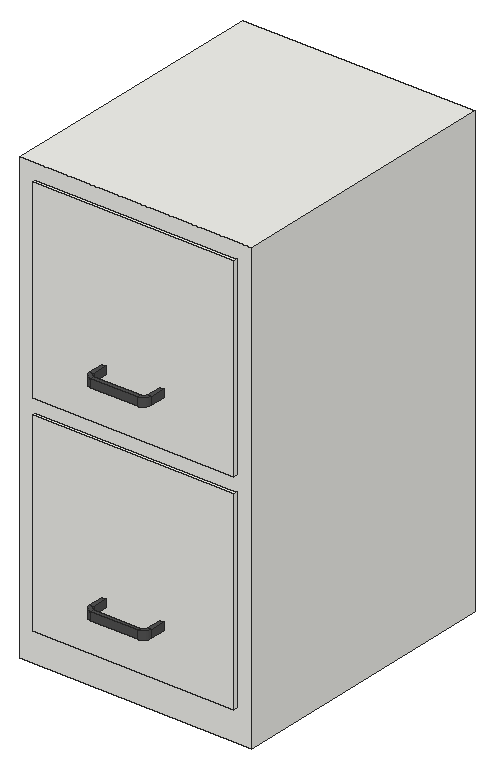
Revit family "7fb9a9d1e3ec42c7ae0a05f923729fd7", category Furniture, Revit 2021
Family settings
  OmniClass Number = 23.40.20.24.24
  OmniClass Title = Filing Cabinets
  Seek Item ID = Cabinet-File 2 Drawer-0000-USA-ENU
  Work Plane-Based = No
  Always vertical = Yes
  Cut with Voids When Loaded = No
  Shared = No
  Room Calculation Point = No
Parameters (values of type "15" x 18"")
  Default Elevation = 0' - 0"
  Assembly Code = "E2020200"
  Cabinet Material = Steel, Paint Finish, Ivory, Glossy
  Depth = 1' - 6"
  Handle Material = Steel, Chrome Plated
  Height = 2' - 5"
  Width = 1' - 3"
Types (7): name | Depth | Height | Width
  (no name) | 1' - 6" | 2' - 5" | 1' - 3"
  15" x 18" | 1' - 6" | 2' - 5" | 1' - 3"
  15" x 25" | 2' - 1" | 2' - 5" | 1' - 3"
  15" x 29" | 2' - 5" | 2' - 5" | 1' - 3"
  18" x 29" | 2' - 5" | 2' - 5" | 1' - 6"
  36" x 15" Lat. | 1' - 3" | 2' - 4" | 3' - 0"
  36" x 18" Lat. | 1' - 6" | 2' - 4" | 3' - 0"
Reference planes (in)
  plane 1 "Center (Front/Back)": y = -5.59584
  plane 2: z = 0
  plane 3 "Center (Left/Right)": x = -5.03529
  plane 4: x = 2.46471
  plane 5: x = -12.53529
  plane 6: y = 3.40416
  plane 7: y = -14.59584
  plane 8: z = 29
  plane 9: z = 2
  plane 10: y = -14.84584
Forms (in)
  Extrusion 1, solid, material "Steel, Paint Finish, Ivory, Glossy" <- "Cabinet Material"
    sketch origin (0, 3.40416, 0) x (1, 0, 0) y (0, 0, 1)
      loop
        line (-11.53529, 28) -> (-11.53529, 15.5) -> (1.46471, 15.5) -> (1.46471, 28) -> (-11.53529, 28)
      loop
        line (-11.53529, 14.5) -> (-11.53529, 2) -> (1.46471, 2) -> (1.46471, 14.5) -> (-11.53529, 14.5)
    from 18 to 18.25
  Extrusion 2, solid, material "Steel, Paint Finish, Ivory, Glossy" <- "Cabinet Material"
    sketch origin (0, 0, 0) x (1, 0, 0) y (0, 1, 0)
      loop
        line (-12.53529, 3.40416) -> (-12.53529, -14.59584) -> (2.46471, -14.59584) -> (2.46471, 3.40416) -> (-12.53529, 3.40416)
    from 0 to 29
  Sweep 3, solid, material "Steel, Chrome Plated" <- "Handle Material"
    path origin (0, 0, 0) x (1, 0, 0) y (0, 1, 0)
      loop
        line (-7.03529, -14.84584) -> (-7.03529, -15.84584)
        arc (-7.03529, -15.84584) -> (-6.88885, -16.19939) -> (-6.53529, -16.34584) r 0.5
        line (-6.53529, -16.34584) -> (-3.53529, -16.34584)
        arc (-3.53529, -16.34584) -> (-3.18174, -16.19939) -> (-3.03529, -15.84584) r 0.5
        line (-3.03529, -15.84584) -> (-3.03529, -14.84584)
    profile origin (0, -15.34584, 0) x (1, 0, 0) y (0, 0, 1)
      loop
        line (-7.03529, 5) -> (-6.78529, 5) -> (-6.78529, 5.5) -> (-7.03529, 5.5) -> (-7.03529, 5)
      loop
        line (-7.03529, 18.5) -> (-6.78529, 18.5) -> (-6.78529, 19) -> (-7.03529, 19) -> (-7.03529, 18.5)
Lines and regions (in)
  Masking region 1
    outline origin (0, 0, 0) x (1, 0, 0) y (0, 1, 0)
      loop
        line (-12.53529, 3.40416) -> (-12.53529, -14.59584) -> (2.46471, -14.59584) -> (2.46471, 3.40416) -> (-12.53529, 3.40416)
  Masking region 2
    outline origin (0, 0, 0) x (1, 0, 0) y (0, 1, 0)
      loop
        line (-11.53529, -14.59584) -> (-11.53529, -14.84584) -> (1.46471, -14.84584) -> (1.46471, -14.59584) -> (-11.53529, -14.59584)
  symbolic lines
    curve 1: line (-6.78529, -15.84584, 0) -> (-6.78529, -14.84584, 0)
    curve 2: arc (-6.78529, -15.84584, 0) -> (-6.71207, -16.02262, 0) -> (-6.53529, -16.09584, 0) r 0.25
    curve 3: line (-3.53529, -16.09584, 0) -> (-6.53529, -16.09584, 0)
    curve 4: line (-3.28529, -14.84584, 0) -> (-3.28529, -15.84584, 0)
    curve 5: arc (-3.53529, -16.09584, 0) -> (-3.35852, -16.02262, 0) -> (-3.28529, -15.84584, 0) r 0.25
Dimensions and locks (in)
  equal spacing: plane 5, plane 3 "Center (Left/Right)", plane 4
  equal spacing: plane 7, plane 1 "Center (Front/Back)", plane 6
  "Width": plane 5 to plane 4
  "Depth": plane 7 to plane 6
  "Height": plane 8 to plane 2
  plane 7 to plane 10 = 0' - 0 1/4"
  aligned and locked: Extrusion 2 to plane 8
  aligned and locked: Extrusion 2 to level
  aligned and locked: Extrusion 1 to plane 7
  aligned and locked: Extrusion 1 to plane 10
  aligned and locked: plane 6 to Masking region 1 sketch curve
  aligned and locked: Masking region 1 sketch curve to plane 7
  aligned and locked: plane 4 to Masking region 1 sketch curve
  aligned and locked: Masking region 1 sketch curve to plane 5
  aligned and locked: plane 10 to Masking region 2 sketch curve
  aligned and locked: Masking region 2 sketch curve to Extrusion 1  (x2)
  aligned and locked: plane 7 to Masking region 2 sketch curve
  aligned and locked: curve 1 to Sweep 3
  aligned and locked: curve 3 to Sweep 3
  aligned and locked: curve 4 to Sweep 3
  aligned: curve 5 to Sweep 3
Automatic sketch dimensions
  Extrusion 1 sketch curve to plane 5 = 0' - 1"  (x2)
  plane 4 to Extrusion 1 sketch curve = 0' - 1"  (x2)
  level to Extrusion 1 sketch curve = 0' - 2"
  plane 8 to Extrusion 1 sketch curve = 0' - 1"
  Extrusion 2 sketch curve to plane 4 = 0' - 0"
  Extrusion 2 sketch curve to plane 7 = 0' - 0"
  Sweep 3 sketch curve to plane 10 = 0' - 0"  (x2)
  Sweep 3 sketch curve to plane 10 = 0' - 1"
  Sweep 3 sketch curve to plane 3 "Center (Left/Right)" = 0' - 2"
  Sweep 3 sketch curve to Sweep 3 sketch curve = 0' - 0 1/2"  (x3)
  plane 3 "Center (Left/Right)" to Sweep 3 sketch curve = 0' - 1 1/2"
  plane 7 to Sweep 3 sketch curve = 0' - 1 1/4"
  Sweep 3 sketch curve to profile plane = 0' - 0"  (x2)
  Sweep 3 sketch curve to profile plane = 0' - 0 1/4"  (x2)
  level to Sweep 3 sketch curve = 0' - 5"
  Sweep 3 sketch curve to Sweep 3 sketch curve = 1' - 1"
  Extrusion 1 sketch curve to Extrusion 1 sketch curve = 0' - 1"
  Extrusion 1 sketch curve to Extrusion 1 sketch curve = 1' - 0 1/2"
  Extrusion 2 sketch curve to plane 5 = 0' - 0"
  Extrusion 2 sketch curve to plane 6 = 0' - 0"
  curve 1 to plane 10 = 0' - 0"
  curve 1 to curve 2 = 0' - 0 1/4"
  curve 4 to plane 10 = 0' - 0"
  curve 3 to curve 4 = 0' - 0 1/4"
